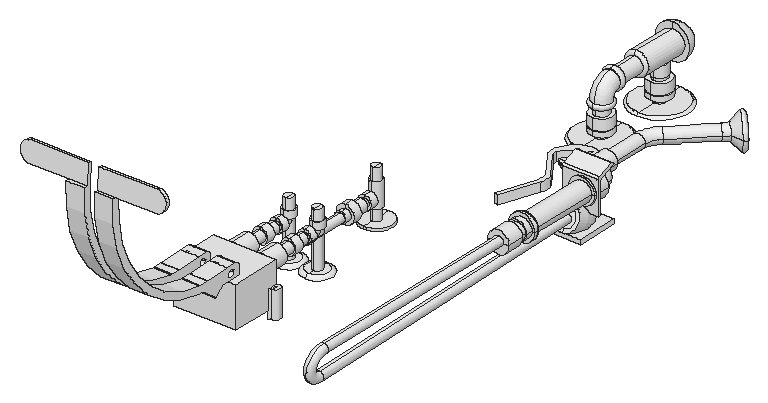
Revit family "Bed_Pan-American_Standard-Cleanser-7880.124xxx", category Plumbing Fixtures, host Face, Revit 2014 (continued)
Automatic sketch dimensions
  plane 13 to Extrusion 31 sketch curve = 0' - 0.01385"
  Extrusion 31 sketch curve to plane 14 = 0' - 2.30453"
  Extrusion 31 sketch curve to Extrusion 31 sketch curve = 0' - 0.73173"  (x2)
  Extrusion 31 sketch curve to plane 15 = 0' - 1.5728"
  Extrusion 31 sketch curve to Extrusion 31 sketch curve = 0' - 0.56877"  (x2)
  plane 13 to Extrusion 31 sketch curve = 0' - 0.58262"
  plane 16 to Revolve 9 sketch curve = 0' - 0.62531"
  Revolve 9 sketch curve to Revolve 9 sketch curve = 0' - 0.17933"  (x2)
  Revolve 9 sketch curve to Revolve 9 sketch curve = 0' - 1.31073"
  Revolve 9 sketch curve to Revolve 9 sketch curve = 0' - 0.14339"
  Revolve 9 sketch curve to Revolve 9 sketch curve = 0' - 0.15138"
  plane 17 to Revolve 9 sketch curve = 0' - 0.75981"
  plane 17 to Revolve 9 sketch curve = 0' - 0.89269"
  Revolve 9 sketch curve to Revolve 9 sketch curve = 0' - 0.80173"
  level to Revolve 9 sketch curve = 0' - 3.55552"
  Revolve 9 sketch curve to Revolve 9 sketch curve = 0' - 0.31189"
  Revolve 9 sketch curve to Revolve 9 sketch curve = 0' - 0"
  Revolve 9 sketch curve to Revolve 9 sketch curve = 0' - 0.13808"
  Revolve 9 sketch curve to Revolve 9 sketch curve = 0' - 0.15819"
  Revolve 9 sketch curve to Revolve 9 sketch curve = 0' - 0.06648"
  Revolve 9 sketch curve to Revolve 9 sketch curve = 0' - 0.36681"
  Revolve 9 sketch curve to Revolve 9 sketch curve = 0' - 0.53023"
  Revolve 9 sketch curve to plane 17 = 0' - 0.42616"
  Revolve 9 sketch curve to Revolve 9 sketch curve = 0' - 0.20812"
  Revolve 11 sketch curve to level = 0' - 0"
  Revolve 11 sketch curve to plane 16 = 0' - 0"  (x2)
  level to Revolve 11 sketch curve = 0' - 0.12188"
  Revolve 11 sketch curve to plane 16 = 0' - 0.31452"
  Revolve 11 sketch curve to plane 16 = 0' - 0.37904"
  Revolve 11 sketch curve to Revolve 11 sketch curve = 0' - 0.16976"
  Revolve 11 sketch curve to Revolve 11 sketch curve = 0' - 0.12096"
  Revolve 11 sketch curve to Revolve 11 sketch curve = 0' - 0.14476"
  Revolve 11 sketch curve to Revolve 11 sketch curve = 0' - 0"
  Revolve 11 sketch curve to Revolve 11 sketch curve = 0' - 0.8136"
  Revolve 11 sketch curve to Revolve 11 sketch curve = 0' - 0 1/4"
  Revolve 11 sketch curve to Revolve 11 sketch curve = 0' - 0.07429"
  Revolve 11 sketch curve to Revolve 11 sketch curve = 0' - 0.56333"
  Revolve 11 sketch curve to Revolve 11 sketch curve = 0' - 0.38895"
  Revolve 11 sketch curve to Revolve 11 sketch curve = 0' - 0 1/8"
  Revolve 11 sketch curve to Revolve 11 sketch curve = 0' - 0.12188"
  Revolve 11 sketch curve to Revolve 11 sketch curve = 0' - 0.13182"
  Revolve 11 sketch curve to Revolve 11 sketch curve = 0' - 0.17888"
  level to Revolve 11 sketch curve = 0' - 0.37188"
  Revolve 12 sketch curve to level = 0' - 0"
  Revolve 12 sketch curve to plane 17 = 0' - 0"  (x2)
  level to Revolve 12 sketch curve = 0' - 0.12188"
  Revolve 12 sketch curve to plane 17 = 0' - 0.31452"
  Revolve 12 sketch curve to plane 17 = 0' - 0.37904"
  Revolve 12 sketch curve to Revolve 12 sketch curve = 0' - 0.0469"
  Revolve 12 sketch curve to Revolve 12 sketch curve = 0' - 0.16976"
  Revolve 12 sketch curve to Revolve 12 sketch curve = 0' - 0.14476"
  Revolve 12 sketch curve to Revolve 12 sketch curve = 0' - 0 1/4"  (x2)
  Revolve 12 sketch curve to Revolve 12 sketch curve = 0' - 0.8136"
  Revolve 12 sketch curve to Revolve 12 sketch curve = 0' - 0.07429"
  Revolve 12 sketch curve to Revolve 12 sketch curve = 0' - 0.56333"
  Revolve 12 sketch curve to Revolve 12 sketch curve = 0' - 0.16898"
  Revolve 12 sketch curve to Revolve 12 sketch curve = 0' - 0.58414"
  Revolve 12 sketch curve to Revolve 12 sketch curve = 0' - 0.03716"
  Revolve 12 sketch curve to Revolve 12 sketch curve = 0' - 0.17888"
  level to Revolve 12 sketch curve = 0' - 0.37188"
  Revolve 12 sketch curve to Revolve 12 sketch curve = 0' - 0.12188"
  Sweep 16 sketch curve to plane 16 = 0' - 1.83646"
  Sweep 16 sketch curve to Sweep 16 sketch curve = 0' - 0.79624"  (x2)
  plane 14 to Sweep 16 sketch curve = 0' - 6.10372"
  Sweep 16 sketch curve to Sweep 16 sketch curve = 0' - 2.04944"
  plane 16 to Sweep 16 sketch curve = 0' - 0.78787"
  Sweep 16 sketch curve to Sweep 16 sketch curve = 0' - 1.82809"
  Masking region 1 sketch curve to level = 0' - 0"  (x2)
  plane 15 to Masking region 1 sketch curve = 0' - 1.5728"
  plane 15 to Masking region 1 sketch curve = 0' - 0 1/4"
  Masking region 1 sketch curve to plane 15 = 0' - 0 11/64"
  Masking region 1 sketch curve to Masking region 1 sketch curve = 0' - 0 27/64"
  Masking region 1 sketch curve to plane 3 "Center (Left/Right)" = 0' - 0 9/32"
  Masking region 1 sketch curve to Masking region 1 sketch curve = 0' - 0 1/32"
  plane 3 "Center (Left/Right)" to Masking region 1 sketch curve = 0' - 0 1/4"
  Masking region 1 sketch curve to plane 13 = 0' - 0.01385"
  plane 3 "Center (Left/Right)" to Masking region 1 sketch curve = 0' - 0 9/32"
  Masking region 1 sketch curve to plane 10 = 0' - 0.2694"
  plane 10 to Masking region 1 sketch curve = 0' - 0.15247"
  plane 14 to Masking region 1 sketch curve = 0' - 0 1/4"
  Masking region 1 sketch curve to Masking region 1 sketch curve = 0' - 0.24596"
  Masking region 1 sketch curve to Masking region 1 sketch curve = 0' - 0"  (x11)
  Masking region 1 sketch curve to Masking region 1 sketch curve = 0' - 0.37361"
  Masking region 1 sketch curve to Masking region 1 sketch curve = 0' - 0.14476"  (x2)
  Masking region 1 sketch curve to Masking region 1 sketch curve = 0' - 0.07546"  (x2)
  Masking region 1 sketch curve to Masking region 1 sketch curve = 0' - 0.0469"  (x2)
  level to Masking region 1 sketch curve = 0' - 0.12188"  (x2)
  Masking region 1 sketch curve to Masking region 1 sketch curve = 0' - 0.31452"
  Masking region 1 sketch curve to Masking region 1 sketch curve = 0' - 0.50085"
  Masking region 1 sketch curve to Masking region 1 sketch curve = 0' - 0.62904"
  Masking region 1 sketch curve to Masking region 1 sketch curve = 0' - 0.75807"
  plane 14 to Masking region 1 sketch curve = 0' - 1.5728"
  Masking region 1 sketch curve to Masking region 1 sketch curve = 0' - 0.16976"
  Masking region 1 sketch curve to Masking region 1 sketch curve = 0' - 0.69168"
  Masking region 1 sketch curve to Masking region 1 sketch curve = 0' - 0.8136"
  Masking region 1 sketch curve to Masking region 1 sketch curve = 0' - 0.12188"
  Masking region 1 sketch curve to Masking region 1 sketch curve = 0' - 0.82549"
  Masking region 1 sketch curve to Masking region 1 sketch curve = 0' - 0.57723"
  Masking region 1 sketch curve to Masking region 1 sketch curve = 0' - 0.41332"
  Masking region 1 sketch curve to Masking region 1 sketch curve = 0' - 0.441"  (x2)
  Masking region 1 sketch curve to Masking region 1 sketch curve = 0' - 0.29015"
  level to Masking region 1 sketch curve = 0' - 0.2414"  (x2)
  Masking region 1 sketch curve to Masking region 1 sketch curve = 0' - 0.44536"
  Masking region 1 sketch curve to Masking region 1 sketch curve = 0' - 0.21466"  (x2)
  Masking region 1 sketch curve to Masking region 1 sketch curve = 0' - 0.94283"
  Masking region 1 sketch curve to Masking region 1 sketch curve = 0' - 0.08714"
  Masking region 1 sketch curve to Masking region 1 sketch curve = 0' - 0.43754"
  Masking region 1 sketch curve to Masking region 1 sketch curve = 0' - 0.31429"
  Masking region 1 sketch curve to Masking region 1 sketch curve = 0' - 0.5046"
  Masking region 1 sketch curve to Masking region 1 sketch curve = 0' - 0.60438"
  Masking region 1 sketch curve to Masking region 1 sketch curve = 0' - 0.03618"  (x2)
  Masking region 1 sketch curve to Masking region 1 sketch curve = 0' - 0.22645"
  Masking region 1 sketch curve to Masking region 1 sketch curve = 0' - 0.44143"  (x2)
  Masking region 1 sketch curve to Masking region 1 sketch curve = 0' - 0.34144"
  Masking region 1 sketch curve to Masking region 1 sketch curve = 0' - 0 1/4"  (x4)
  Masking region 1 sketch curve to Masking region 1 sketch curve = 0' - 0.07429"  (x2)
  Masking region 1 sketch curve to Masking region 1 sketch curve = 0' - 0.53246"
  Masking region 1 sketch curve to Masking region 1 sketch curve = 0' - 0.06751"
  Masking region 1 sketch curve to Masking region 1 sketch curve = 0' - 0.56333"  (x2)
  Masking region 1 sketch curve to Masking region 1 sketch curve = 0' - 0.54097"
  Masking region 1 sketch curve to Masking region 1 sketch curve = 0' - 0.16898"  (x2)
  Masking region 1 sketch curve to Masking region 1 sketch curve = 0' - 0.60763"
  Masking region 1 sketch curve to Masking region 1 sketch curve = 0' - 0.19172"
  level to Masking region 1 sketch curve = 0' - 1.45122"
  Masking region 1 sketch curve to Masking region 1 sketch curve = 0' - 0.02576"  (x2)
  Masking region 1 sketch curve to Masking region 1 sketch curve = 0' - 0.03208"
  Masking region 1 sketch curve to Masking region 1 sketch curve = 0' - 0.09972"
  Masking region 1 sketch curve to Masking region 1 sketch curve = 0' - 0.11637"
  Masking region 1 sketch curve to Masking region 1 sketch curve = 0' - 0.2197"  (x2)
  Masking region 1 sketch curve to Masking region 1 sketch curve = 0' - 0.12452"  (x2)
  Masking region 1 sketch curve to Masking region 1 sketch curve = 0' - 0.32905"  (x2)
  Masking region 1 sketch curve to Masking region 1 sketch curve = 0' - 0.39865"
  Masking region 1 sketch curve to Masking region 1 sketch curve = 0' - 0.07659"
  Masking region 1 sketch curve to Masking region 1 sketch curve = 0' - 0.61637"
  Masking region 1 sketch curve to Masking region 1 sketch curve = 0' - 0.4002"
  Masking region 1 sketch curve to Masking region 1 sketch curve = 0' - 0.21609"
  Masking region 1 sketch curve to Masking region 1 sketch curve = 0' - 0.83298"
  Masking region 1 sketch curve to Masking region 1 sketch curve = 0' - 1.21501"  (x2)
  Masking region 1 sketch curve to Masking region 1 sketch curve = 0' - 0.08278"
  Masking region 1 sketch curve to Masking region 1 sketch curve = 0' - 0.81161"
  Masking region 1 sketch curve to plane 13 = 0' - 1.15138"
  Masking region 1 sketch curve to Masking region 1 sketch curve = 0' - 1.13753"
  Masking region 1 sketch curve to Masking region 1 sketch curve = 0' - 0.56877"
  Masking region 1 sketch curve to Masking region 1 sketch curve = 0' - 0.08815"
  Masking region 1 sketch curve to Masking region 1 sketch curve = 0' - 0.09978"
  Masking region 1 sketch curve to Masking region 1 sketch curve = 0' - 0.19741"  (x2)
  curve 64 to curve 65 = 0' - 0"  (x2)
  curve 64 to curve 66 = 0' - 0"  (x2)
  curve 64 to curve 67 = 0' - 0"  (x2)
  curve 64 to curve 68 = 0' - 0"  (x2)
  curve 64 to curve 69 = 0' - 0"  (x2)
  curve 64 to curve 70 = 0' - 0"  (x2)
  curve 65 to curve 66 = 0' - 0"  (x2)
  curve 65 to curve 67 = 0' - 0"  (x2)
  curve 65 to curve 68 = 0' - 0"  (x2)
  curve 65 to curve 69 = 0' - 0"  (x2)
  curve 65 to curve 70 = 0' - 0"  (x2)
  curve 66 to curve 67 = 0' - 0"  (x2)
  curve 66 to curve 68 = 0' - 0"  (x2)
  curve 66 to curve 69 = 0' - 0"  (x2)
  curve 66 to curve 70 = 0' - 0"  (x2)
  curve 67 to curve 68 = 0' - 0"  (x2)
  curve 67 to curve 69 = 0' - 0"  (x2)
  curve 67 to curve 70 = 0' - 0"  (x2)
  curve 68 to curve 69 = 0' - 0"  (x2)
  curve 68 to curve 70 = 0' - 0"  (x2)
  curve 69 to curve 70 = 0' - 0"  (x2)
  curve 71 to curve 72 = 0' - 0"  (x2)
  curve 71 to curve 73 = 0' - 0"  (x2)
  curve 71 to curve 74 = 0' - 0"  (x2)
  curve 71 to curve 75 = 0' - 0"  (x2)
  curve 71 to curve 76 = 0' - 0"  (x2)
  curve 71 to curve 77 = 0' - 0"  (x2)
  curve 72 to curve 73 = 0' - 0"  (x2)
  curve 72 to curve 74 = 0' - 0"  (x2)
  curve 72 to curve 75 = 0' - 0"  (x2)
  curve 72 to curve 76 = 0' - 0"  (x2)
  curve 72 to curve 77 = 0' - 0"  (x2)
  curve 73 to curve 74 = 0' - 0"  (x2)
  curve 73 to curve 75 = 0' - 0"  (x2)
  curve 73 to curve 76 = 0' - 0"  (x2)
  curve 73 to curve 77 = 0' - 0"  (x2)
  curve 74 to curve 75 = 0' - 0"  (x2)
  curve 74 to curve 76 = 0' - 0"  (x2)
  curve 74 to curve 77 = 0' - 0"  (x2)
  curve 75 to curve 76 = 0' - 0"  (x2)
  curve 75 to curve 77 = 0' - 0"  (x2)
  curve 76 to curve 77 = 0' - 0"  (x2)
  curve 78 to curve 79 = 0' - 0"  (x2)
  curve 78 to curve 80 = 0' - 0"  (x2)
  curve 78 to curve 81 = 0' - 0"  (x2)
  curve 78 to curve 82 = 0' - 0"  (x2)
  curve 78 to curve 83 = 0' - 0"  (x2)
  curve 79 to curve 80 = 0' - 0"  (x2)
  curve 79 to curve 81 = 0' - 0"  (x2)
  curve 79 to curve 82 = 0' - 0"  (x2)
  curve 79 to curve 83 = 0' - 0"  (x2)
  curve 80 to curve 81 = 0' - 0"  (x2)
  curve 80 to curve 82 = 0' - 0"  (x2)
  curve 80 to curve 83 = 0' - 0"  (x2)
  curve 81 to curve 82 = 0' - 0"  (x2)
  curve 81 to curve 83 = 0' - 0"  (x2)
  curve 82 to curve 83 = 0' - 0"  (x2)
  curve 97 to curve 98 = 0' - 0"  (x2)
  curve 101 to curve 102 = 0' - 0"  (x2)
  curve 103 to curve 104 = 0' - 0"  (x2)
  curve 49 to level = 0' - 0"
  curve 39 to level = 0' - 0"
  curve 48 to level = 0' - 0"
  plane 9 to curve 69 = 0' - 0"
  curve 83 to plane 3 "Center (Left/Right)" = 0' - 0"
  curve 71 to plane 8 = 0' - 0"
  curve 45 to level = 0' - 0"
  curve 86 to level = 0' - 0"
  plane 9 to curve 47 = 0' - 0.10219"
  plane 9 to curve 40 = 0' - 0 1/4"
  plane 9 to curve 35 = 0' - 0 1/4"
  curve 34 to curve 32 = 0' - 0.09836"
  curve 39 to level = 0' - 0.123"
  curve 39 to curve 36 = 0' - 0.2897"
  curve 37 to curve 39 = 0' - 0.06941"
  curve 50 to plane 15 = 0' - 0 11/64"
  curve 1 to plane 9 = 0' - 0 1/4"
  curve 63 to plane 9 = 0' - 0 1/4"
  curve 4 to curve 4 = 0' - 0.09836"
  curve 9 to plane 3 "Center (Left/Right)" = 0' - 0.32996"
  curve 8 to curve 7 = 0' - 0.07996"
  curve 9 to curve 10 = 0' - 0.07996"
  plane 3 "Center (Left/Right)" to curve 17 = 0' - 0 1/4"
  plane 3 "Center (Left/Right)" to curve 12 = 0' - 0 1/4"
  curve 13 to curve 14 = 0' - 0.07996"
  curve 14 to curve 21 = 0' - 0.10293"
  curve 20 to curve 19 = 0' - 0.09836"
  curve 21 to curve 23 = 0' - 0.09836"
  plane 8 to curve 46 = 0' - 0.10219"
  curve 45 to curve 29 = 0' - 0.14781"
  plane 8 to curve 60 = 0' - 0 1/4"
  curve 28 to curve 28 = 0' - 0.09836"
  curve 31 to level = 0' - 0.10519"
  curve 31 to plane 10 = 0' - 0.22241"
  curve 30 to plane 10 = 0' - 0.1603"
  plane 10 to curve 85 = 0' - 0.00671"
  plane 10 to curve 54 = 0' - 0.15247"
  plane 14 to curve 88 = 0' - 1.12446"
  curve 88 to curve 96 = 0' - 0.00054"
  curve 88 to curve 98 = 0' - 3.4782"
  curve 98 to curve 102 = 0' - 0.81731"
  curve 101 to curve 104 = 0' - 0.00213"
  curve 103 to curve 116 = 0' - 2.72405"
  level to curve 86 = 0' - 0.12188"
  level to curve 62 = 0' - 0.13754"
  level to curve 37 = 0' - 0.17046"
  curve 45 to curve 29 = 0' - 0.03292"
  curve 54 to curve 53 = 0' - 0.29435"
  curve 37 to curve 50 = 0' - 0.24577"
  curve 6 to curve 8 = 0' - 0.61184"
  curve 7 to curve 78 = 0' - 0.47103"
  level to curve 106 = 0' - 1.38234"
  curve 106 to curve 100 = 0' - 0.09109"
  curve 106 to curve 104 = 0' - 0.46609"
  curve 100 to curve 97 = 0' - 0 3/8"
  level to curve 116 = 0' - 1.84842"
  curve 101 to curve 103 = 0' - 0"
  curve 78 to curve 68 = 0' - 0.82108"
  curve 78 to curve 74 = 0' - 0.82108"
  curve 71 to curve 14 = 0' - 0.02496"
  curve 9 to curve 5 = 0' - 0.14293"
  curve 71 to curve 28 = 0' - 0.16789"
  curve 103 to curve 105 = 0' - 0.09109"
  curve 27 to curve 88 = 0' - 0.32976"
  curve 3 to curve 2 = 0' - 0.36279"
  curve 20 to curve 21 = 0' - 0.36279"
  curve 88 to curve 96 = 0' - 0.03349"
  curve 2 to curve 12 = 0' - 0.14391"
  curve 12 to curve 24 = 0' - 0.43273"
  curve 32 to curve 32 = 0' - 0.57664"
  curve 34 to curve 66 = 0' - 0.01304"
  curve 56 to curve 32 = 0' - 0 1/4"
  curve 43 to curve 33 = 0' - 0.15164"
  curve 69 to curve 3 = 0' - 0.01304"
  curve 44 to curve 11 = 0' - 0 1/32"
  curve 56 to plane 3 "Center (Left/Right)" = 0' - 0 9/32"
  curve 67 to curve 10 = 0' - 0.01348"
  curve 13 to curve 72 = 0' - 0.01348"
  plane 3 "Center (Left/Right)" to curve 55 = 0' - 0 9/32"
  curve 12 to curve 41 = 0' - 0 1/32"
  curve 20 to curve 76 = 0' - 0.01304"
  curve 75 to curve 27 = 0' - 0.01304"
  curve 55 to plane 10 = 0' - 0.2694"
  curve 26 to curve 42 = 0' - 0.15164"
  curve 86 to plane 10 = 0' - 0.11517"
  plane 14 to curve 85 = 0' - 0 1/4"
  plane 14 to curve 88 = 0' - 0.53485"
  plane 14 to curve 89 = 0' - 0.64073"
  curve 89 to curve 90 = 0' - 0"  (x2)
  curve 88 to curve 95 = 0' - 0.16421"
  curve 95 to curve 94 = 0' - 0.0469"
  curve 94 to curve 93 = 0' - 0"  (x2)
  curve 90 to curve 91 = 0' - 0.16976"
  level to curve 92 = 0' - 0.12188"
  curve 91 to curve 92 = 0' - 0"  (x2)
  curve 91 to curve 91 = 0' - 0.62904"
  curve 94 to curve 94 = 0' - 0.75807"
  curve 94 to curve 95 = 0' - 0.0469"
  curve 91 to curve 89 = 0' - 0.16976"
  curve 95 to curve 88 = 0' - 0.16314"
  curve 114 to curve 98 = 0' - 1.33146"
  curve 114 to curve 115 = 0' - 0.57086"
  curve 114 to curve 110 = 0' - 0.57723"
  curve 110 to curve 113 = 0' - 0.03319"
  curve 113 to curve 114 = 0' - 0.28704"
  curve 113 to curve 115 = 0' - 0.28802"
  curve 115 to curve 107 = 0' - 0.11978"
  curve 114 to curve 108 = 0' - 0.12076"
  curve 108 to curve 108 = 0' - 0.13223"
  curve 107 to curve 107 = 0' - 0.13223"
  curve 108 to curve 117 = 0' - 0.15792"
  level to curve 109 = 0' - 0.2414"
  curve 117 to curve 109 = 0' - 0.1358"
  curve 100 to curve 106 = 0' - 0.181"
  curve 105 to curve 101 = 0' - 0.09267"
  curve 106 to curve 102 = 0' - 0.09267"
  curve 109 to curve 109 = 0' - 1.11245"
  curve 109 to curve 117 = 0' - 0.12391"
  curve 101 to curve 99 = 0' - 0.23601"
  curve 102 to curve 100 = 0' - 0.23601"
  curve 100 to curve 112 = 0' - 0 131/256"
  curve 99 to curve 112 = 0' - 0.5216"
  curve 112 to curve 112 = 0' - 0.08278"
  curve 112 to curve 116 = 0' - 0.03618"
  curve 112 to curve 116 = 0' - 0.12885"
  curve 116 to curve 111 = 0' - 0.71968"
  curve 92 to curve 91 = 0' - 0 1/4"
  curve 18 to curve 52 = 0' - 0.24577"
  curve 5 to curve 51 = 0' - 0.24577"
  curve 91 to curve 90 = 0' - 0 1/4"
  curve 90 to curve 89 = 0' - 0.07429"
  curve 109 to curve 117 = 0' - 0.59997"
  curve 8 to curve 80 = 0' - 0.07124"
  curve 15 to curve 83 = 0' - 0.07124"
  curve 80 to curve 79 = 0' - 0.02024"
  curve 83 to curve 82 = 0' - 0.02024"
  curve 79 to curve 78 = 0' - 0.19286"
  curve 82 to curve 81 = 0' - 0.19286"
  curve 89 to curve 93 = 0' - 0.56333"
  curve 93 to curve 94 = 0' - 0.16898"
  curve 116 to curve 100 = 0' - 0.02443"
  curve 116 to curve 112 = 0' - 0.02211"
  curve 110 to curve 110 = 0' - 0.11804"
  curve 71 to curve 76 = 0' - 0.17459"
  curve 64 to curve 66 = 0' - 0.17459"
  curve 70 to curve 69 = 0' - 0.17459"
  curve 73 to curve 75 = 0' - 0.17459"
  curve 94 to curve 95 = 0' - 0.2197"
  curve 65 to curve 66 = 0' - 0.05255"
  curve 74 to curve 75 = 0' - 0.05255"
  curve 68 to curve 69 = 0' - 0.05255"
  curve 77 to curve 76 = 0' - 0.05255"
  curve 111 to curve 116 = 0' - 0"
  curve 112 to curve 112 = 0' - 0.37732"
  curve 95 to curve 88 = 0' - 0.21294"
  curve 112 to curve 116 = 0' - 0.01754"
  curve 111 to curve 111 = 0' - 0.76682"
  curve 1 to curve 44 = 0' - 0.06114"
  curve 25 to curve 42 = 0' - 0.06114"
  curve 41 to curve 12 = 0' - 0.08278"
  curve 32 to curve 43 = 0' - 0.06114"
  curve 32 to curve 56 = 0' - 0.16447"
  curve 23 to curve 55 = 0' - 0.16447"
  plane 7 to Sweep 24 sketch curve = 0' - 0.56472"
  plane 7 to Sweep 24 sketch curve = 0' - 0.58175"
  Sweep 24 sketch curve to Sweep 24 sketch curve = 0' - 0.74981"
  plane 6 to Sweep 24 sketch curve = 0' - 4.20284"
  Sweep 24 sketch curve to Sweep 24 sketch curve = 0' - 1.11466"
  Sweep 24 sketch curve to plane 19 = 0' - 0.19308"
  radius of Extrusion 4 sketch curve = 0' - 0.20722"
  radius of Sweep 10 sketch curve = 0' - 0 1/2"
  radius of Sweep 14 sketch curve = 0' - 0.46609"
  radius of Sweep 16 sketch curve = 0' - 0 3/8"
  radius of Sweep 16 to Extrusion 17 sketch curve = 0' - 0 1/8"
  radius of Extrusion 18 sketch curve = 0' - 0.09362"
  radius of Sweep 24 sketch curve = 0' - 0 1/4"
  radius of Extrusion 26 sketch curve = 0' - 0 1/16"  (x2)
  radius of Extrusion 30 sketch curve = 0' - 0.20722"
  radius of curve 96 = 0' - 0.63808"
Connectors (in)
  piping at (-0.78125, 0, 0), diameter 0.375, driven by "Inlet Diameter Connection", driven by "HWFU"
    settings: on Revolve 7, index 20, connector inside diameter 3/4", connector length 0' - 0", flow factor 0, pipe flow 0 GPM, pressure drop 0.00 psi, fitting loss kfactor 0, connector angle 0.00°, fixture units 1.5, engagement length 0' - 0", angle of deflection 0.00°, flow configuration 3, flow direction 1, fitting loss method 0, system type 19, joint type 0, gender type 0, connector reference index -1, connector utility 0, adjustable connector no, is connector primary yes, connector description "3/8\" HW NPT Inlet Supply"
  piping at (0.78125, 0, 0), diameter 0.375, driven by "Inlet Diameter Connection", driven by "HWFU"
    settings: on Revolve 6, index 21, connector inside diameter 3/4", connector length 0' - 0", flow factor 0, pipe flow 0 GPM, pressure drop 0.00 psi, fitting loss kfactor 0, connector angle 0.00°, fixture units 1.5, engagement length 0' - 0", angle of deflection 0.00°, flow configuration 3, flow direction 1, fitting loss method 0, system type 20, joint type 0, gender type 0, connector reference index -1, connector utility 0, adjustable connector no, is connector primary no, connector description "3/8\" CW NPT Inlet Supply"
  piping at (0, 5.00964, 0), diameter 0.375, driven by "Outlet Diameter"
    settings: on cut or joined group of Sweep 1, Extrusion 2, Extrusion 3, Extrusion 4, Revolve 5, Revolve 6, Revolve 7, Revolve 8, Revolve 25, Extrusion 26, Revolve 27, Sweep 28, Extrusion 29, Extrusion 30, Extrusion 31, index 22, connector inside diameter 24", connector length 0' - 0", flow factor 0, pipe flow 0 GPM, pressure drop 0.00 psi, fitting loss kfactor 0, connector angle 0.00°, fixture units 0, engagement length 0' - 0", angle of deflection 0.00°, flow configuration 0, flow direction 2, fitting loss method 0, system type 29, joint type 0, gender type 0, connector reference index -1, connector utility 0, adjustable connector no, is connector primary no, connector description "3/8\" NPT Outlet"
  piping at (7.13675, 10.0445, 0), diameter 0.5, driven by "NPT Connection Size"
    settings: on cut or joined group of Revolve 13, Extrusion 22, Extrusion 23, Sweep 24, index 23, connector inside diameter 24", connector length 0' - 0", flow factor 0, pipe flow 0 GPM, pressure drop 0.00 psi, fitting loss kfactor 0, connector angle 0.00°, fixture units 0, engagement length 0' - 0", angle of deflection 0.00°, flow configuration 0, flow direction 1, fitting loss method 0, system type 29, joint type 0, gender type 0, connector reference index -1, connector utility 0, adjustable connector no, is connector primary no, connector description "1/2\" NPT Water Inlet Supply"
  piping at (3, 16.75486, 0), diameter 0.5, driven by "NPT Connection Size"
    settings: on Revolve 11, index 24, connector inside diameter 24", connector length 0' - 0", flow factor 0, pipe flow 0 GPM, pressure drop 0.00 psi, fitting loss kfactor 0, connector angle 0.00°, fixture units 0, engagement length 0' - 0", angle of deflection 0.00°, flow configuration 0, flow direction 1, fitting loss method 0, system type 29, joint type 0, gender type 0, connector reference index -1, connector utility 0, adjustable connector no, is connector primary no, connector description "1/2\" NPT Inlet Supply"
  piping at (3, 20.75486, 0), diameter 0.5, driven by "NPT Connection Size"
    settings: on Revolve 12, index 25, connector inside diameter 24", connector length 0' - 0", flow factor 0, pipe flow 0 GPM, pressure drop 0.00 psi, fitting loss kfactor 0, connector angle 0.00°, fixture units 0, engagement length 0' - 0", angle of deflection 0.00°, flow configuration 0, flow direction 2, fitting loss method 0, system type 29, joint type 0, gender type 0, connector reference index -1, connector utility 0, adjustable connector no, is connector primary no, connector description "1/2\" NPT Outlet"
